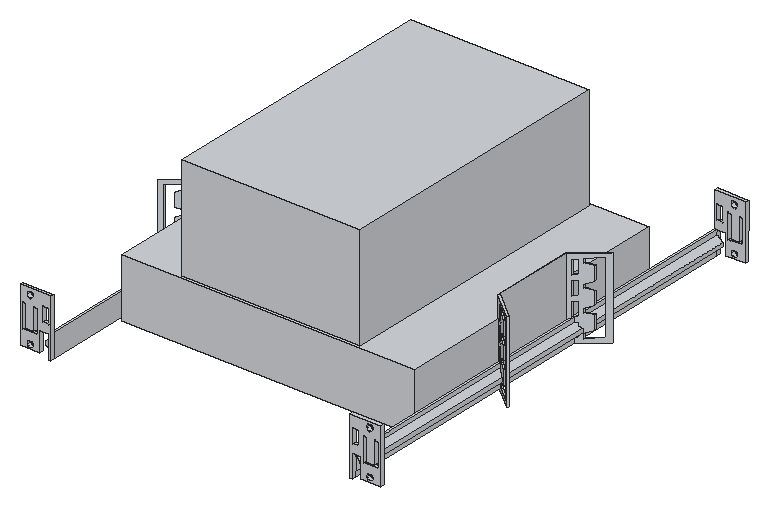
Revit family "Alcon-14135-6-O-Revit-Family", category Lighting Fixtures, host Ceiling, Revit 2021
Family settings
  Host = Ceiling
  Round Connector Dimension = Use Diameter
  Part Type = Normal
  Always vertical = Yes
  Cut with Voids When Loaded = Yes
  Light Source = Yes
  Shared = No
  Room Calculation Point = No
Parameters (values of type "Type 1")
  Wattage = 9.2903 W
  built-in parameter 1150110 = 1 (stored number, unit not read)
  built-in parameter 1114217 = 1 (stored number, unit not read)
  Tilt Angle = 60.00°
  built-in parameter 1150109 = 1 (stored number, unit not read)
  built-in parameter 1150134 = 3
  built-in parameter 1150113 = 1 (stored number, unit not read)
  built-in parameter 1010507 = 1.5708 (stored number, unit not read)
  built-in parameter 1010506 = 0.5236 (stored number, unit not read)
  Reflector = none
  Product Identity = "Alcon Lighting 14135-6-O"
  Manufacturer = "Alcon Light"
  built-in parameter 1150105 = 4614.1 (stored number, unit not read)
  Lumens = 1380 lm
  built-in parameter 1150115 = 1 (stored number, unit not read)
  Link To Product Page = "https://www.alconlighting.com/14135-6-o.html"
  Light Source Symbol Length = 10' - 0"
  Light Source = none
  built-in parameter 1150137 = (empty or 0)
  built-in parameter 1150139 = (empty or 0)
  built-in parameter 1150112 = 1 (stored number, unit not read)
  built-in parameter 1150114 = 1 (stored number, unit not read)
  built-in parameter 1150132 = (empty or 0)
  built-in parameter 1150102 = (empty or 0)
  built-in parameter 1150107 = 3200 (stored number, unit not read)
  built-in parameter 1150138 = (empty or 0)
  built-in parameter 1150106 = 46.141 (stored number, unit not read)
  Housing = none
  built-in parameter 1150104 = 13.8 (stored number, unit not read)
  Lens = none
  Dimming Lamp Color Temperature Shift = <None>
  Default Elevation = 0' - 0"
  Color Filter = 16777215
  built-in parameter 1114218 = 1 (stored number, unit not read)
  built-in parameter 1150133 = 10 (stored number, unit not read)
Reference planes (in)
  plane 1 "Center (Front/Back)": y = 0
  plane 2: z = 0
  plane 3 "Center (Left/Right)": x = 0
  plane 4 "Ceiling": z = 157.48031
Forms (in)
  Revolve 1, solid, material <- "Housing"
    sketch origin (0, 0, 0) x (1, 0, 0) y (0, 0, 1)
      loop
        line (-3.065, 157.37825) -> (-3.065, 158.11784)
        arc (-3.065, 158.11784) -> (-2.71963, 159.90844) -> (-1.73308, 161.44214) r 4.81447
        line (-1.73308, 161.44214) -> (-1.82149, 161.53055)
        arc (-1.82149, 161.53055) -> (-2.83512, 159.95627) -> (-3.19, 158.11784) r 4.93947
        line (-3.19, 158.11784) -> (-3.19, 157.48031) -> (-3.51182, 157.48031) -> (-3.51182, 157.37825) -> (-3.065, 157.37825)
      axis (0, 157.37825) -> (0, 161.53055)
    angle from 0 to 360
  Revolve 2, solid, material <- "Light Source"
    sketch origin (0, 0, 4.04922) x (1, 0, 0) y (0, 0, 1)
      loop
        line (0, 159.20873) -> (0, 159.40025) -> (-2.90741, 159.40025) -> (-2.90741, 159.20873) -> (0, 159.20873)
      axis (0, 159.20873) -> (0, 159.40025)
    angle from 0 to 360
  Extrusion 3, solid, material <- "Housing"
    sketch origin (0, 0, 157.48031) x (0, 1, 0) y (-1, 0, 0)
      loop
        line (-4.93441, 4.94097) -> (-4.93441, -4.94097) -> (4.93441, -4.94097) -> (4.93441, 4.94097) -> (-4.93441, 4.94097)
      loop
        line (-4.80941, 4.81597) -> (-4.80941, -4.81597) -> (4.80941, -4.81597) -> (4.80941, 4.81597) -> (-4.80941, 4.81597)
    from 0.71933 to 2.53659
  Extrusion 4, solid, material <- "Housing"
    sketch origin (0, 0, 157.48031) x (0, 1, 0) y (-1, 0, 0)
      loop
        line (-4.93441, 4.94097) -> (-4.93441, -4.94097) -> (4.93441, -4.94097) -> (4.93441, 4.94097) -> (-4.93441, 4.94097)
      loop
        circle (0, 0) r 2.90738
    from 2.53659 to 2.61884
  Extrusion 5, solid, material <- "Housing"
    sketch origin (0, 0, 157.48031) x (0, 1, 0) y (-1, 0, 0)
      loop
        line (-4.80941, 3.00347) -> (-4.80941, -2.99653) -> (4.80941, -2.99653) -> (4.80941, 3.00347) -> (-4.80941, 3.00347)
    from 2.61884 to 6.10716
  Extrusion 6, solid, material <- "Housing"
    sketch origin (0, 0, 157.48031) x (0, 1, 0) y (-1, 0, 0)
      loop
        line (-4.93441, 4.94097) -> (-4.93441, -4.94097) -> (4.93441, -4.94097) -> (4.93441, 4.94097) -> (-4.93441, 4.94097)
      loop
        circle (0, 0) r 3.19
    from 0.63752 to 0.71933
  Extrusion 7, void
    sketch origin (0, 0, 157.48031) x (0, 1, 0) y (-1, 0, 0)
      loop
        circle (0, 0) r 2.90738
    from 2.61884 to 5.96915
  Extrusion 8, solid, material <- "Housing"
    sketch origin (1.67888, 1.85467, 0.19356) x (1, 0, 0) y (0, 0, 1)
      loop
        line (4.39781, 158.03648) -> (4.39781, 159.87663) -> (3.35584, 159.87663) -> (3.35584, 157.92428) -> (3.44441, 157.92428) -> (3.44441, 158.70601) -> (3.73637, 158.70601) -> (3.73637, 158.03648) -> (4.39781, 158.03648)
      loop
        line (3.44441, 158.99543) -> (3.65052, 158.99543) -> (3.65052, 159.49543) -> (3.44441, 159.49543) -> (3.44441, 158.99543)
      loop
        line (4.31618, 158.54453) -> (4.31618, 159.36762) -> (4.20186, 159.36762) -> (4.20186, 158.61762) -> (3.9305, 158.61762) -> (3.9305, 159.36762) -> (3.81618, 159.36762) -> (3.81618, 158.54453) -> (4.31618, 158.54453)
      loop
        circle (4.04182, 159.68118) r 0.11132
      loop
        circle (4.04182, 158.18118) r 0.11132
    from -5.84043 to -5.72106
  Extrusion 9, solid, material <- "Housing"
    sketch origin (2.73206, -0.39533, 0) x (1, 0, 0) y (0, 0, 1)
      loop
        line (2.32609, 158.89957) -> (2.32609, 158.11784) -> (2.39122, 158.11784) -> (2.39122, 158.32322) -> (2.56408, 158.44426) -> (2.56408, 158.58056) -> (2.39122, 158.75342) -> (2.39122, 158.89957) -> (2.32609, 158.89957)
    from -7.97106 to 7.26645
  Extrusion 10, solid, material <- "Housing"
    sketch origin (1.67888, -13.50221, 0.19356) x (1, 0, 0) y (0, 0, 1)
      loop
        line (4.39781, 158.03648) -> (4.39781, 159.87663) -> (3.35584, 159.87663) -> (3.35584, 157.92428) -> (3.44441, 157.92428) -> (3.44441, 158.70601) -> (3.73637, 158.70601) -> (3.73637, 158.03648) -> (4.39781, 158.03648)
      loop
        line (3.44441, 158.99543) -> (3.65052, 158.99543) -> (3.65052, 159.49543) -> (3.44441, 159.49543) -> (3.44441, 158.99543)
      loop
        line (4.31618, 158.54453) -> (4.31618, 159.36762) -> (4.20186, 159.36762) -> (4.20186, 158.61762) -> (3.9305, 158.61762) -> (3.9305, 159.36762) -> (3.81618, 159.36762) -> (3.81618, 158.54453) -> (4.31618, 158.54453)
      loop
        circle (4.04182, 159.68118) r 0.11132
      loop
        circle (4.04182, 158.18118) r 0.11132
    from -5.84043 to -5.72106
  Extrusion 11, solid
    sketch origin (0, 0, 157.48031) x (0, 1, 0) y (-1, 0, 0)
      loop
        line (2.22574, -5.88598) -> (1.43278, -4.94097) -> (-1.43278, -4.94097) -> (-2.22574, -5.88598) -> (-2.19791, -5.91382) -> (-1.39672, -4.959) -> (1.39672, -4.959) -> (2.19791, -5.91382) -> (2.22574, -5.88598)
    from 0.63752 to 3.35606
  Extrusion 12, void
    sketch origin (0, 0, 0) x (1, 0, 0) y (0, 0, 1)
      loop
        line (5.3215, 158.2703) -> (5.77462, 158.2703) -> (5.77462, 160.71441) -> (5.3215, 160.71441) -> (5.3215, 160.56029) -> (5.54808, 160.45463) -> (5.54808, 160.0117) -> (5.3215, 159.92923) -> (5.3215, 159.80004) -> (5.54808, 159.69438) -> (5.54808, 159.29033) -> (5.3215, 159.18467) -> (5.3215, 159.05548) -> (5.54808, 158.97301) -> (5.54808, 158.53008) -> (5.3215, 158.42442) -> (5.3215, 158.2703)
      loop
        line (5.23014, 160.18684) -> (5.23014, 160.66763) -> (5.084, 160.66763) -> (5.084, 160.18684) -> (5.23014, 160.18684)
      loop
        line (5.23014, 159.55205) -> (5.23014, 160.03284) -> (5.084, 160.03284) -> (5.084, 159.55205) -> (5.23014, 159.55205)
      loop
        line (5.23014, 158.91726) -> (5.23014, 159.39805) -> (5.084, 159.39805) -> (5.084, 158.91726) -> (5.23014, 158.91726)
      loop
        line (5.23014, 158.28246) -> (5.23014, 158.76325) -> (5.084, 158.76325) -> (5.084, 158.28246) -> (5.23014, 158.28246)
    from -2.16392 to 2.22574
  Extrusion 13, solid, material <- "Housing"
    sketch origin (-1.67888, 1.85467, 0.19356) x (-1, 0, 0) y (0, 0, -1)
      loop
        line (4.39781, -158.03648) -> (3.73637, -158.03648) -> (3.73637, -158.70601) -> (3.44441, -158.70601) -> (3.44441, -157.92428) -> (3.35584, -157.92428) -> (3.35584, -159.87663) -> (4.39781, -159.87663) -> (4.39781, -158.03648)
      loop
        line (3.44441, -158.99543) -> (3.44441, -159.49543) -> (3.65052, -159.49543) -> (3.65052, -158.99543) -> (3.44441, -158.99543)
      loop
        line (4.31618, -158.54453) -> (3.81618, -158.54453) -> (3.81618, -159.36762) -> (3.9305, -159.36762) -> (3.9305, -158.61762) -> (4.20186, -158.61762) -> (4.20186, -159.36762) -> (4.31618, -159.36762) -> (4.31618, -158.54453)
      loop
        circle (4.04182, -159.68118) r 0.11132
      loop
        circle (4.04182, -158.18118) r 0.11132
    from -5.84043 to -5.72106
  Extrusion 14, solid, material <- "Housing"
    sketch origin (-2.73206, -0.39533, 0) x (-1, 0, 0) y (0, 0, -1)
      loop
        line (2.32609, -158.89957) -> (2.39122, -158.89957) -> (2.39122, -158.75342) -> (2.56408, -158.58056) -> (2.56408, -158.44426) -> (2.39122, -158.32322) -> (2.39122, -158.11784) -> (2.32609, -158.11784) -> (2.32609, -158.89957)
    from -7.97106 to 7.26645
  Extrusion 15, solid, material <- "Housing"
    sketch origin (-1.67888, -13.50221, 0.19356) x (-1, 0, 0) y (0, 0, -1)
      loop
        line (4.39781, -158.03648) -> (3.73637, -158.03648) -> (3.73637, -158.70601) -> (3.44441, -158.70601) -> (3.44441, -157.92428) -> (3.35584, -157.92428) -> (3.35584, -159.87663) -> (4.39781, -159.87663) -> (4.39781, -158.03648)
      loop
        line (3.44441, -158.99543) -> (3.44441, -159.49543) -> (3.65052, -159.49543) -> (3.65052, -158.99543) -> (3.44441, -158.99543)
      loop
        line (4.31618, -158.54453) -> (3.81618, -158.54453) -> (3.81618, -159.36762) -> (3.9305, -159.36762) -> (3.9305, -158.61762) -> (4.20186, -158.61762) -> (4.20186, -159.36762) -> (4.31618, -159.36762) -> (4.31618, -158.54453)
      loop
        circle (4.04182, -159.68118) r 0.11132
      loop
        circle (4.04182, -158.18118) r 0.11132
    from -5.84043 to -5.72106
  Extrusion 16, solid
    sketch origin (0, 0, 157.48031) x (0, -1, 0) y (1, 0, 0)
      loop
        line (-2.22574, -5.88598) -> (-2.19791, -5.91382) -> (-1.39672, -4.959) -> (1.39672, -4.959) -> (2.19791, -5.91382) -> (2.22574, -5.88598) -> (1.43278, -4.94097) -> (-1.43278, -4.94097) -> (-2.22574, -5.88598)
    from 0.63752 to 3.35606
  Extrusion 17, void
    sketch origin (0, 0, 0) x (-1, 0, 0) y (0, 0, -1)
      loop
        line (5.3215, -158.2703) -> (5.3215, -158.42442) -> (5.54808, -158.53008) -> (5.54808, -158.97301) -> (5.3215, -159.05548) -> (5.3215, -159.18467) -> (5.54808, -159.29033) -> (5.54808, -159.69438) -> (5.3215, -159.80004) -> (5.3215, -159.92923) -> (5.54808, -160.0117) -> (5.54808, -160.45463) -> (5.3215, -160.56029) -> (5.3215, -160.71441) -> (5.77462, -160.71441) -> (5.77462, -158.2703) -> (5.3215, -158.2703)
      loop
        line (5.23014, -160.18684) -> (5.084, -160.18684) -> (5.084, -160.66763) -> (5.23014, -160.66763) -> (5.23014, -160.18684)
      loop
        line (5.23014, -159.55205) -> (5.084, -159.55205) -> (5.084, -160.03284) -> (5.23014, -160.03284) -> (5.23014, -159.55205)
      loop
        line (5.23014, -158.91726) -> (5.084, -158.91726) -> (5.084, -159.39805) -> (5.23014, -159.39805) -> (5.23014, -158.91726)
      loop
        line (5.23014, -158.28246) -> (5.084, -158.28246) -> (5.084, -158.76325) -> (5.23014, -158.76325) -> (5.23014, -158.28246)
    from -2.16392 to 2.22574
Cuts and joins
  joined: Extrusion 3, Extrusion 4, Extrusion 6
  Extrusion 7 cuts Extrusion 5
  Extrusion 12, Extrusion 17 cuts Extrusion 11
  Extrusion 17 cuts Extrusion 9
  Extrusion 17 cuts Extrusion 14
  Extrusion 17 cuts Extrusion 16
Dimensions and locks (in)
  equal spacing: host sketch curve, plane 3 "Center (Left/Right)", host sketch curve
  equal spacing: host sketch curve, plane 1 "Center (Front/Back)", host sketch curve
  host sketch curve to host sketch curve = 13' - 1.48031"  (x2)
  plane 4 "Ceiling" to host ceiling = 0' - 0"
